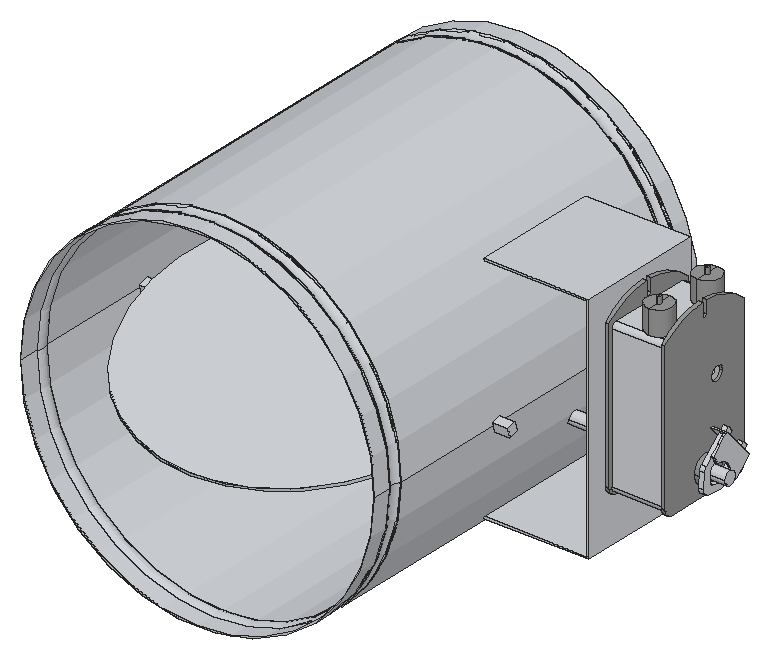
Revit family "S-RD-I, S-RD-II", category Mechanical Equipment, Revit 2015
Parameters
  Void Radius [instance] = Radius - 0' 0 5/256"  # 0' - 6 251/256"
  URL = "http://unitedenertech.com/catalog/pdf/C-5%20%20S-RD-I.pdf"
  Type Comments = "Max. Size is (24\" Diameter)"
  Radius [instance] = 0.5 * Exact Diameter  # 0' - 7"
  Model = "S-RD-I, S-RD-II"
  Manufacturer = "United Enertech Corporation"
  Keynote = "FSLF-120 Actuator Shown, See Website for Correct Actuator per Damper Size."
  Inner Radius [instance] = Radius - 0' 0 9/256"  # 0' - 6 247/256"
  Exact Diameter = 1' - 2"
  Description = "True Round Low Leakage Smoke Damper"
  Depth = 1' - 4"
  Blade Radius [instance] = Inner Radius - 0' 0 3/8"  # 0' - 6 151/256"
Reference planes (in)
  plane 1 "Center (Front/Back)": y = 0
  plane 2: z = 0
  plane 3 "Center (Left/Right)": x = 0
  plane 4: x = -7
  plane 5: x = 7
  plane 6: y = 16
  plane 7: y = 15
  plane 8: y = 1
  plane 9: x = -7.6
  plane 10: x = -5.1
  plane 11: x = 5.1
  plane 12: x = 7.6
  plane 13: y = 6
  plane 14: y = 10
  plane 15: x = -5.99518
  plane 16: x = 5.99518
  plane 17: x = 13
  plane 18: x = 4.1
  plane 19: x = 3.482
  plane 20: x = 3.35641
  plane 21: x = 3.23141
  plane 22: x = 12
  plane 23: x = 9.4169
  plane 24: y = 12.52698
  plane 25: y = 7.5
Forms (in)
  Extrusion 1, solid
    sketch origin (0, 0, 0) x (1, 0, 0) y (0, 0, 1)
      loop
        circle (0, 0) r 7
      loop
        circle (0, 0) r 6.96484
    from 0 to -16
  Sweep 2, solid
    path origin (0, 1, 0) x (1, 0, 0) y (0, 0, 1)
      loop
        circle (0, 0) r 7
    profile "Bead Sweep : Bead Sweep" origin (0, 1, 7) x (0, 0, -1) y (0, -1, 0)
      loop
        arc (0, -0.279) -> (0.12, 0) -> (0, 0.279) r 0.38434
        line (0, 0.279) -> (0, -0.279)
  Sweep 3, solid
    path origin (0, 15, 0) x (1, 0, 0) y (0, 0, 1)
      loop
        circle (0, 0) r 7
    profile "Bead Sweep : Bead Sweep" origin (0, 15, 7) x (0, 0, -1) y (0, -1, 0)
      loop
        arc (0, -0.279) -> (0.12, 0) -> (0, 0.279) r 0.38434
        line (0, 0.279) -> (0, -0.279)
  Sweep 4, void
    path origin (0, 1, 0) x (1, 0, 0) y (0, 0, 1)
      loop
        circle (0, 0) r 6.98047
    profile "Bead Void Sweep : Bead Void Sweep" origin (0, 1, 6.98047) x (0, 0, -1) y (0, -1, 0)
      loop
        arc (-0.15416, -0.3555) -> (0.0841, 0) -> (-0.15416, 0.3555) r 0.38434
        line (-0.15416, 0.3555) -> (-0.15416, -0.3555)
  Sweep 5, void
    path origin (0, 15, 0) x (1, 0, 0) y (0, 0, 1)
      loop
        circle (0, 0) r 6.98047
    profile "Bead Void Sweep : Bead Void Sweep" origin (0, 15, 6.98047) x (0, 0, -1) y (0, -1, 0)
      loop
        arc (-0.15416, -0.3555) -> (0.0841, 0) -> (-0.15416, 0.3555) r 0.38434
        line (-0.15416, 0.3555) -> (-0.15416, -0.3555)
  Extrusion 6, solid
    sketch origin (0, 4.96472, 4.08249) x (1, 0, 0) y (0, 0.965926, 0.258819)
      loop
        circle (0, 0) r 6.58984
    from -4.01795 to -3.90479
  Extrusion 7, solid
    sketch origin (-15.25, -10.19369, 2.7146) x (0, 0.966915, 0.255099) y (0, -0.255099, 0.966915)
      loop
        line (15.15714, -6.93904) -> (15.15714, -6.56404) -> (14.78214, -6.56404) -> (14.78214, -6.93904) -> (15.15714, -6.93904)
    from 7.65 to 10.15
  Extrusion 8, solid
    sketch origin (11.25, -10.19369, 2.7146) x (0, 0.966915, 0.255099) y (0, -0.255099, 0.966915)
      loop
        line (15.15714, -6.93904) -> (15.15714, -6.56404) -> (14.78214, -6.56404) -> (14.78214, -6.93904) -> (15.15714, -6.93904)
    from -6.15 to -3.65
  Sweep 9, void
    path origin (0, 1, 0) x (1, 0, 0) y (0, 0, 1)
      loop
        circle (0, 0) r 6.98047
    profile "Bead Void Sweep : Bead Void Sweep" origin (0, 1, 6.98047) x (0, 0, -1) y (0, -1, 0)
      loop
        arc (-0.15416, -0.3555) -> (0.0841, 0) -> (-0.15416, 0.3555) r 0.38434
        line (-0.15416, 0.3555) -> (-0.15416, -0.3555)
  Sweep 10, void
    path origin (0, 15, 0) x (1, 0, 0) y (0, 0, 1)
      loop
        circle (0, 0) r 6.98047
    profile "Bead Void Sweep : Bead Void Sweep" origin (0, 15, 6.98047) x (0, 0, -1) y (0, -1, 0)
      loop
        arc (-0.15416, -0.3555) -> (0.0841, 0) -> (-0.15416, 0.3555) r 0.38434
        line (-0.15416, 0.3555) -> (-0.15416, -0.3555)
  Extrusion 11, solid
    sketch origin (0, 0, 0) x (0, 1, 0) y (0, 0, 1)
      loop
        line (6.13645, 0.2343) -> (6.23212, -0.1283) -> (5.86952, -0.22396) -> (5.78165, 0.10397) -> (4.81474, -0.15113) -> (4.8326, -0.21881) -> (5.69035, 0.00749) -> (5.78325, -0.34464) -> (6.37588, -0.18584) -> (6.28444, 0.16074) -> (7.13068, 0.38749) -> (7.10337, 0.4894) -> (6.13645, 0.2343)
    from -5.99518 to 5.99518
  Extrusion 12, solid
    sketch origin (0, 0, 1.5) x (0, 1, 0) y (0, 0, 1)
      loop
        circle (10, -3.06865) r 0.25
    from -7.6 to 13
  Extrusion 13, solid
    sketch origin (-19.09431, 8.56597, 4.3906) x (1, 0, 0) y (0, -0.258819, 0.965926)
      loop
        line (20.57631, -3.38349) -> (20.57631, -3.50849) -> (22.45071, -3.50849) -> (22.45071, -4.13491) -> (22.57631, -4.13491) -> (22.57631, -3.38349) -> (20.57631, -3.38349)
    from 0 to 0.5
  Extrusion 14, solid
    sketch origin (0, 0, 0) x (0, 1, 0) y (0, 0, 1)
      loop
        line (9.09128, 0.38657) -> (12.95114, -2.96875) -> (13.48276, -2.43713) -> (9.58332, 0.9526) -> (9.09128, 0.38657)
    from 3.35641 to 3.23141
  Extrusion 15, solid
    sketch origin (0.00619, 0, -0.00521) x (1, 0, 0) y (0, 0, 1)
      loop
        line (9.4169, -4.59269) -> (9.4169, 4.59269) -> (-0.00619, 4.59269) -> (-0.00619, 4.51799) -> (9.3422, 4.51799) -> (9.3422, -4.51799) -> (-0.00619, -4.51799) -> (-0.00619, -4.59269) -> (9.4169, -4.59269)
    from -12.52698 to -7.5
  Extrusion 16, void
    sketch origin (0, 0, 0) x (1, 0, 0) y (0, 0, 1)
      loop
        circle (0, 0.00749) r 6.96484
    from -12.52698 to -7.5
Cuts and joins
  Sweep 4, Sweep 5, Sweep 9, Sweep 10 cuts Extrusion 1
  Sweep 5, Sweep 9 cuts Sweep 2
  Sweep 10 cuts Sweep 3
  Extrusion 16 cuts Extrusion 15
Dimensions and locks (in)
  equal spacing: plane 4, plane 3 "Center (Left/Right)", plane 5
  "Exact Diameter": plane 4 to plane 5
  plane 6 to plane 1 "Center (Front/Back)" = 1' - 4"
  locked: plane 8 to plane 1 "Center (Front/Back)" at 1
  locked: plane 6 to plane 7 at 1
  locked: plane 9 to plane 4 at 0.6
  locked: plane 4 to plane 10 at 1.9
  locked: plane 11 to plane 5 at 1.9
  locked: plane 5 to plane 12 at 0.6
  locked: plane 13 to plane 1 "Center (Front/Back)" at 6
  locked: plane 6 to plane 14 at 6
  locked: plane 9 to plane 15 at 1.60482
  locked: plane 16 to plane 12 at 1.60482
  locked: plane 5 to plane 17 at 6
  locked: plane 18 to plane 11 at 1
  locked: plane 19 to plane 11 at 1.618
  locked: plane 20 to plane 19 at 0.12559
  locked: plane 21 to plane 20 at 0.125
  locked: plane 22 to plane 17 at 1
  locked: plane 22 to plane 23 at 2.5831
  "Inner Radius": radius of Extrusion 1 sketch curve
  "Radius": radius of Extrusion 1 sketch curve
  "Radius": radius of Sweep 2 sketch curve
  "Radius": radius of Sweep 3 sketch curve
  "Void Radius": radius of Sweep 4 sketch curve
  "Void Radius": radius of Sweep 5 sketch curve
  "Blade Radius": radius of Extrusion 6 sketch curve
  "Void Radius": radius of Sweep 9 sketch curve
  "Void Radius": radius of Sweep 10 sketch curve
  "Inner Radius": radius of Extrusion 16 sketch curve
  aligned and locked: level to plane 2
  aligned and locked: plane 6 to Extrusion 1
  aligned and locked: plane 1 "Center (Front/Back)" to Extrusion 1
  aligned and locked: plane 10 to Extrusion 7
  aligned and locked: plane 9 to Extrusion 7
  aligned and locked: plane 11 to Extrusion 8
  aligned and locked: plane 6 to cut or joined group of Extrusion 1, Sweep 4, Sweep 5, Sweep 9, Sweep 10
  aligned and locked: plane 12 to Extrusion 8
  aligned and locked: plane 15 to Extrusion 11
  aligned and locked: plane 16 to Extrusion 11
  aligned and locked: plane 9 to Extrusion 12
  aligned and locked: plane 17 to Extrusion 12
  aligned and locked: plane 18 to nested 1
  aligned and locked: plane 19 to Extrusion 13
  aligned and locked: plane 20 to Extrusion 14
  aligned and locked: Extrusion 14 to plane 21
  aligned and locked: plane 22 to nested 2
  aligned and locked: plane 3 "Center (Left/Right)" to Extrusion 15 sketch curve
  aligned and locked: Extrusion 15 sketch curve to plane 3 "Center (Left/Right)"
  aligned and locked: plane 25 to Extrusion 15
  aligned and locked: Extrusion 15 to plane 24
  aligned and locked: Extrusion 16 to plane 24
  aligned and locked: Extrusion 16 to plane 25
Automatic sketch dimensions
  Extrusion 7 sketch curve to plane 13 = 0' - 0.13048"
  Extrusion 7 sketch curve to level = 0' - 0.22396"
  Extrusion 7 sketch curve to Extrusion 7 sketch curve = 0' - 0 3/8"  (x2)
  Extrusion 8 sketch curve to plane 13 = 0' - 0.13048"
  Extrusion 8 sketch curve to level = 0' - 0.22396"
  Extrusion 8 sketch curve to Extrusion 8 sketch curve = 0' - 0 3/8"  (x2)
  Extrusion 11 sketch curve to plane 13 = 0' - 0.13048"
  level to Extrusion 11 sketch curve = 0' - 0.10397"
  Extrusion 11 sketch curve to plane 13 = 0' - 0.21835"
  Extrusion 11 sketch curve to level = 0' - 0.21881"
  Extrusion 11 sketch curve to level = 0' - 0.15113"
  plane 13 to Extrusion 11 sketch curve = 0' - 0.13645"
  Extrusion 11 sketch curve to level = 0' - 0.1283"
  plane 13 to Extrusion 11 sketch curve = 0' - 0.23212"
  Extrusion 11 sketch curve to level = 0' - 0.18584"
  Extrusion 11 sketch curve to Extrusion 11 sketch curve = 0' - 0.14376"
  level to Extrusion 11 sketch curve = 0' - 0.4894"
  level to Extrusion 11 sketch curve = 0' - 0.38749"
  Extrusion 11 sketch curve to Extrusion 11 sketch curve = 0' - 0.02731"
  Extrusion 11 sketch curve to Extrusion 11 sketch curve = 0' - 0.08627"
  level to Extrusion 11 sketch curve = 0' - 0.00749"
  Extrusion 11 sketch curve to Extrusion 11 sketch curve = 0' - 0.09131"
  plane 13 to Extrusion 11 sketch curve = 0' - 0.28444"
  Extrusion 11 sketch curve to Extrusion 11 sketch curve = 0' - 0.12068"
  Extrusion 12 sketch curve to plane 14 = 0' - 0"
  Extrusion 12 sketch curve to level = 0' - 1.56865"
  Extrusion 13 sketch curve to plane 17 = 0' - 11.518"
  Extrusion 13 sketch curve to Extrusion 13 sketch curve = 0' - 1.87441"
  Extrusion 13 sketch curve to Extrusion 13 sketch curve = 0' - 0.12559"
  Extrusion 13 sketch curve to Extrusion 13 sketch curve = 0' - 0.62642"
  Extrusion 13 sketch curve to Extrusion 13 sketch curve = 0' - 0 1/8"
  Extrusion 14 sketch curve to plane 14 = 0' - 0.41668"
  level to Extrusion 14 sketch curve = 0' - 0.38657"
  Extrusion 14 sketch curve to Extrusion 14 sketch curve = 0' - 0.56603"
  Extrusion 14 sketch curve to Extrusion 14 sketch curve = 0' - 0.53163"
  plane 7 to Extrusion 14 sketch curve = 0' - 1.51724"
  Extrusion 14 sketch curve to Extrusion 14 sketch curve = 0' - 0.49204"
  Extrusion 15 sketch curve to plane 23 = 0' - 0.06851"
  plane 23 to Extrusion 15 sketch curve = 0' - 0.00619"
  Extrusion 15 sketch curve to level = 0' - 4.5979"
  Extrusion 15 sketch curve to Extrusion 15 sketch curve = 0' - 0.0747"  (x2)
  level to Extrusion 15 sketch curve = 0' - 4.51278"
  Extrusion 1 sketch curve to Extrusion 1 sketch curve = 0' - 0"  (x2)
  Extrusion 1 sketch curve to level = 0' - 0"
  Extrusion 1 sketch curve to plane 3 "Center (Left/Right)" = 0' - 0"
  Sweep 2 sketch curve to level = 0' - 0"
  Sweep 2 sketch curve to plane 3 "Center (Left/Right)" = 0' - 0"
  Sweep 3 sketch curve to level = 0' - 0"
  Sweep 3 sketch curve to plane 3 "Center (Left/Right)" = 0' - 0"
  Sweep 4 sketch curve to level = 0' - 0"
  Sweep 4 sketch curve to plane 3 "Center (Left/Right)" = 0' - 0"
  Sweep 5 sketch curve to level = 0' - 0"
  Sweep 5 sketch curve to plane 3 "Center (Left/Right)" = 0' - 0"
  Extrusion 6 sketch curve to plane 3 "Center (Left/Right)" = 0' - 0"
  Sweep 9 sketch curve to level = 0' - 0"
  Sweep 9 sketch curve to plane 3 "Center (Left/Right)" = 0' - 0"
  Sweep 10 sketch curve to level = 0' - 0"
  Sweep 10 sketch curve to plane 3 "Center (Left/Right)" = 0' - 0"
  Extrusion 16 sketch curve to plane 3 "Center (Left/Right)" = 0' - 0"
  level to Extrusion 16 sketch curve = 0' - 0.00749"
  radius of Extrusion 12 sketch curve = 0' - 0 1/4"
Nested families (in)
  nested 1: "Crank Arm" at (0.32925, 19.17236, -2.95025) x (0, 0.9703, -0.2419) z (0, -0.2419, -0.9703), type "Crank Arm"
  nested 2: "FSLF-120" at (11.8558, 15.18836, 5.68955) x (-1, 0, 0) z (0, 0, -1), type "FSLF-120"
Definition of nested family "Crank Arm"
  Reference planes (in)
    plane 1 "Center (Front/Back)": y = 0
    plane 2: z = 0
    plane 3 "Center (Left/Right)": x = 0
  Forms (in)
    Extrusion 1, solid
      sketch origin (0, 0, 0) x (1, 0, 0) y (0, 1, 0)
        loop
          line (-9.94649, 3.15275) -> (-3.84949, 3.15275) -> (-3.84949, 3.27775) -> (-9.94649, 3.27775)
          arc (-9.94649, 3.27775) -> (-10.13049, 3.46175) -> (-9.94649, 3.64575) r 0.184
          line (-9.94649, 3.64575) -> (-8.25549, 3.64575) -> (-8.25549, 3.77075) -> (-9.94649, 3.77075)
          arc (-9.94649, 3.77075) -> (-10.25549, 3.46175) -> (-9.94649, 3.15275) r 0.309
      from 0 to 1.75
    Extrusion 2, void
      sketch origin (-3.14958, 0, -6.55057) x (1, 0, 0) y (0, 0, 1)
        loop
          line (-5.98091, 6.55057) -> (-5.98091, 5.17557)
          arc (-5.98091, 5.17557) -> (-3.73091, 7.42557) -> (-5.98091, 9.67557) r 2.25
          line (-5.98091, 9.67557) -> (-5.98091, 8.30057)
          arc (-5.98091, 8.30057) -> (-5.10591, 7.42557) -> (-5.98091, 6.55057) r 0.875
      from -4.01947 to -3.44824
    Extrusion 3, void
      sketch origin (1.25642, 0, -6.55057) x (1, 0, 0) y (0, 0, 1)
        loop
          line (-5.98091, 6.55057) -> (-5.98091, 5.17557)
          arc (-5.98091, 5.17557) -> (-3.73091, 7.42557) -> (-5.98091, 9.67557) r 2.25
          line (-5.98091, 9.67557) -> (-5.98091, 8.30057)
          arc (-5.98091, 8.30057) -> (-5.10591, 7.42557) -> (-5.98091, 6.55057) r 0.875
      from -3.64575 to -2.74172
    Extrusion 4, void
      sketch origin (0, 0, 0) x (1, 0, 0) y (0, 0, 1)
        loop
          arc (-6.59949, 1) -> (-6.72449, 0.875) -> (-6.59949, 0.75) r 0.125
          line (-6.59949, 0.75) -> (-4.84949, 0.75)
          arc (-4.84949, 0.75) -> (-4.72449, 0.875) -> (-4.84949, 1) r 0.125
          line (-4.84949, 1) -> (-6.59949, 1)
      from -3.40991 to -2.96513
    Extrusion 5, void
      sketch origin (-0.25, 0, 0) x (1, 0, 0) y (0, 0, 1)
        loop
          arc (-9.191, 0.75) -> (-8.72449, 0.875) -> (-9.191, 1) r 0.25
          line (-9.191, 1) -> (-10.15948, 1) -> (-10.15948, 0.875) -> (-10.15948, 0.75) -> (-9.191, 0.75)
      from -2.89053 to -3.96908
  Cuts and joins
    Extrusion 2, Extrusion 3, Extrusion 4, Extrusion 5 cuts Extrusion 1
  Dimensions and locks (in)
    aligned and locked: level to plane 2
Definition of nested family "FSLF-120"
  Reference planes (in)
    plane 1 "Center (Front/Back)": y = 0
    plane 2: z = 0
    plane 3 "Center (Left/Right)": x = 0
  Forms (in)
    Extrusion 1, solid
      sketch origin (0, 0, 0) x (0, 1, 0) y (0, 0, 1)
        loop
          arc (-3.58331, 2.09938) -> (-3.44059, 2.1585) -> (-3.38147, 2.30122) r 0.20184
          line (-3.38147, 2.30122) -> (-3.38147, 7.89928)
          arc (-3.38147, 7.89928) -> (-3.44059, 8.042) -> (-3.58331, 8.10111) r 0.20184
          line (-3.58331, 8.10111) -> (-6.82752, 8.10111)
          arc (-6.82752, 8.10111) -> (-6.97024, 8.042) -> (-7.02936, 7.89928) r 0.20184
          line (-7.02936, 7.89928) -> (-7.02936, 2.30122)
          arc (-7.02936, 2.30122) -> (-6.97024, 2.1585) -> (-6.82752, 2.09938) r 0.20184
          line (-6.82752, 2.09938) -> (-3.58331, 2.09938)
        loop
          circle (-4.59401, 4.1698) r 0.10344
        loop
          circle (-5.18836, 7.24712) r 0.27109
      from 0 to 2.0647
    Extrusion 2, solid
      sketch origin (0, 0, 0) x (0, 1, 0) y (0, 0, 1)
        loop
          line (-5.07889, 1.84303) -> (-5.07889, 1.35428)
          arc (-5.07889, 1.35428) -> (-4.1161, 1.55637) -> (-3.27519, 2.06694) r 2.91799
          line (-3.27519, 2.06694) -> (-3.27519, 7.89928)
          arc (-3.27519, 7.89928) -> (-3.36543, 8.11715) -> (-3.58331, 8.2074) r 0.30812
          line (-3.58331, 8.2074) -> (-6.82752, 8.2074)
          arc (-6.82752, 8.2074) -> (-7.0454, 8.11715) -> (-7.13564, 7.89928) r 0.30812
          line (-7.13564, 7.89928) -> (-7.13564, 2.09702)
          arc (-7.13564, 2.09702) -> (-6.28174, 1.56481) -> (-5.29782, 1.35428) r 2.91799
          line (-5.29782, 1.35428) -> (-5.29782, 1.84303)
          arc (-5.29782, 1.84303) -> (-5.18836, 1.95249) -> (-5.07889, 1.84303) r 0.10947
        loop
          circle (-4.59401, 4.1698) r 0.28363
        loop
          circle (-5.18836, 7.24712) r 0.27109
      from 0 to -0.1442
    Extrusion 3, solid
      sketch origin (0, 0, 0) x (0, 1, 0) y (0, 0, 1)
        loop
          line (-5.07889, 1.84303) -> (-5.07889, 1.35428)
          arc (-5.07889, 1.35428) -> (-4.1161, 1.55637) -> (-3.27519, 2.06694) r 2.91799
          line (-3.27519, 2.06694) -> (-3.27519, 7.89928)
          arc (-3.27519, 7.89928) -> (-3.36543, 8.11715) -> (-3.58331, 8.2074) r 0.30812
          line (-3.58331, 8.2074) -> (-6.82752, 8.2074)
          arc (-6.82752, 8.2074) -> (-7.0454, 8.11715) -> (-7.13564, 7.89928) r 0.30812
          line (-7.13564, 7.89928) -> (-7.13564, 2.09702)
          arc (-7.13564, 2.09702) -> (-6.28174, 1.56481) -> (-5.29782, 1.35428) r 2.91799
          line (-5.29782, 1.35428) -> (-5.29782, 1.84303)
          arc (-5.29782, 1.84303) -> (-5.18836, 1.95249) -> (-5.07889, 1.84303) r 0.10947
        loop
          circle (-4.59401, 4.1698) r 0.28363
        loop
          circle (-5.18836, 7.24712) r 0.27109
      from 2.2089 to 2.0647
    Revolve 4, solid
      sketch origin (0.70002, 0, 0) x (0, 1, 0) y (0, 0, 1)
        loop
          line (-4.0031, 0.95098) -> (-3.92703, 0.95098) -> (-3.92703, 1.1774) -> (-3.48966, 1.1774) -> (-3.48966, 2.15927) -> (-4.0031, 2.15927) -> (-4.0031, 0.95098)
        axis (-4.0031, 0.95098) -> (-4.0031, 2.15927)
      angle from 0 to 360
    Revolve 5, solid
      sketch origin (0.70002, -10.37672, 0) x (0, -1, 0) y (0, 0, -1)
        loop
          line (-4.0031, -0.95098) -> (-4.0031, -2.15927) -> (-3.48966, -2.15927) -> (-3.48966, -1.1774) -> (-3.92703, -1.1774) -> (-3.92703, -0.95098) -> (-4.0031, -0.95098)
        axis (-4.0031, -0.95098) -> (-4.0031, -2.15927)
      angle from 0 to 360
    Extrusion 6, solid
      sketch origin (0, 0, 0) x (0, 1, 0) y (0, 0, 1)
        loop
          circle (-5.18836, 7.24712) r 0.54048
        loop
          circle (-5.18836, 7.24712) r 0.27109
      from 2.4389 to -0.3742
    Extrusion 7, solid
      sketch origin (0, 0, 0) x (0, 1, 0) y (0, 0, 1)
        loop
          line (-3.91306, 6.71864) -> (-3.7518, 6.90501) -> (-4.82025, 7.82944)
          arc (-4.82025, 7.82944) -> (-4.90724, 7.87836) -> (-5.00644, 7.88936) r 0.25
          line (-5.00644, 7.88936) -> (-5.62705, 7.83298)
          arc (-5.62705, 7.83298) -> (-5.79594, 7.74469) -> (-5.85355, 7.56303) r 0.25
          line (-5.85355, 7.56303) -> (-5.80333, 6.9664)
          arc (-5.80333, 6.9664) -> (-5.77611, 6.8722) -> (-5.71475, 6.79572) r 0.25
          line (-5.71475, 6.79572) -> (-4.62328, 5.88139) -> (-4.46502, 6.07031) -> (-5.47779, 6.9187)
          arc (-5.47779, 6.9187) -> (-5.53914, 6.99518) -> (-5.56637, 7.08938) r 0.25
          line (-5.56637, 7.08938) -> (-5.58744, 7.33975)
          arc (-5.58744, 7.33975) -> (-5.52983, 7.52141) -> (-5.36094, 7.60969) r 0.25
          line (-5.36094, 7.60969) -> (-5.08847, 7.63444)
          arc (-5.08847, 7.63444) -> (-4.98927, 7.62345) -> (-4.90228, 7.57453) r 0.25
          line (-4.90228, 7.57453) -> (-3.91306, 6.71864)
      from -0.45408 to -0.64826
    Extrusion 8, solid
      sketch origin (0, 0, 0) x (0, 1, 0) y (0, 0, 1)
        loop
          line (-4.84561, 5.92964) -> (-3.84342, 7.12404) -> (-3.96137, 7.30719) -> (-4.09731, 7.46769)
          arc (-4.09731, 7.46769) -> (-4.29911, 7.57665) -> (-4.45285, 7.74683) r 0.67563
          arc (-4.45285, 7.74683) -> (-4.52455, 7.65639) -> (-4.6158, 7.58572) r 0.47899
          line (-4.6158, 7.58572) -> (-4.72882, 7.47247)
          arc (-4.72882, 7.47247) -> (-4.85345, 6.98422) -> (-5.32567, 6.80835) r 0.54335
          line (-5.32567, 6.80835) -> (-5.42625, 6.68392)
          arc (-5.42625, 6.68392) -> (-5.48681, 6.58567) -> (-5.56911, 6.50475) r 0.47899
          arc (-5.56911, 6.50475) -> (-5.38353, 6.37) -> (-5.25372, 6.18093) r 0.67563
          line (-5.25372, 6.18093) -> (-5.03529, 5.99894) -> (-4.84561, 5.92964)
      from -0.78829 to -0.7065
    Extrusion 9, solid
      sketch origin (0, 0, 0) x (0, 1, 0) y (0, 0, 1)
        loop
          line (-4.84561, 5.92964) -> (-3.84342, 7.12404) -> (-3.87926, 7.17969) -> (-4.90878, 5.95271) -> (-4.84561, 5.92964)
      from -0.7065 to -0.1442
  Lines and regions (in)
    model lines
      curve 1: arc (0, -4.09731, 7.46769) -> (0, -4.29911, 7.57665) -> (0, -4.45285, 7.74683) r 0.67563
      curve 2: arc (0, -4.45285, 7.74683) -> (0, -4.52455, 7.65639) -> (0, -4.6158, 7.58572) r 0.47899
      curve 3: arc (0, -5.56911, 6.50475) -> (0, -5.38353, 6.37) -> (0, -5.25372, 6.18093) r 0.67563
      curve 4: arc (0, -5.42625, 6.68392) -> (0, -5.48681, 6.58567) -> (0, -5.56911, 6.50475) r 0.47899
      curve 5: arc (0, -4.72882, 7.47247) -> (0, -4.85345, 6.98422) -> (0, -5.32567, 6.80835) r 0.54335
      curve 6: arc (0, -5.08847, 7.63444) -> (0, -4.98927, 7.62345) -> (0, -4.90228, 7.57453) r 0.25
      curve 7: arc (0, -5.00644, 7.88936) -> (0, -4.90724, 7.87836) -> (0, -4.82025, 7.82944) r 0.25
      curve 8: arc (0, -5.47779, 6.9187) -> (0, -5.53914, 6.99518) -> (0, -5.56637, 7.08938) r 0.25
      curve 9: arc (0, -5.58744, 7.33975) -> (0, -5.52983, 7.52141) -> (0, -5.36094, 7.60969) r 0.25
      curve 10: line (0, -4.72882, 7.47247) -> (0, -4.6158, 7.58572)
      curve 11: line (0, -5.25372, 6.18093) -> (0, -5.03529, 5.99894)
      curve 12: line (0, -5.03529, 5.99894) -> (0, -3.96137, 7.30719)
      curve 13: line (0, -3.96137, 7.30719) -> (0, -4.09731, 7.46769)
      curve 14: line (0, -5.16521, 6.11335) -> (0, -4.05485, 7.41756)
      curve 15: line (0, -4.98938, 6.05486) -> (0, -4.84561, 5.92964)
      curve 16: line (0, -4.84561, 5.92964) -> (0, -3.84342, 7.12404)
      curve 17: line (0, -3.84342, 7.12404) -> (0, -3.9942, 7.26719)
      curve 18: line (0, -5.47779, 6.9187) -> (0, -4.46502, 6.07031)
      curve 19: line (0, -4.46502, 6.07031) -> (0, -4.62328, 5.88139)
      curve 20: line (0, -4.62328, 5.88139) -> (0, -5.71475, 6.79572)
      curve 21: line (0, -5.32567, 6.80835) -> (0, -5.42625, 6.68392)
      curve 22: line (0, -4.90228, 7.57453) -> (0, -3.91306, 6.71864)
      curve 23: line (0, -3.91306, 6.71864) -> (0, -3.7518, 6.90501)
      curve 24: line (0, -3.7518, 6.90501) -> (0, -4.82025, 7.82944)
      curve 25: line (0, -5.08847, 7.63444) -> (0, -5.36094, 7.60969)
      curve 26: line (0, -5.00644, 7.88936) -> (0, -5.62705, 7.83298)
      curve 27: line (0, -5.56637, 7.08938) -> (0, -5.58744, 7.33975)
      curve 28: line (0, -5.80333, 6.9664) -> (0, -5.85355, 7.56303)
      curve 29: arc (0, -5.71475, 6.79572) -> (0, -5.77611, 6.8722) -> (0, -5.80333, 6.9664) r 0.25
      curve 30: arc (0, -5.85355, 7.56303) -> (0, -5.79594, 7.74469) -> (0, -5.62705, 7.83298) r 0.25
      curve 31: circle (0, -4.59401, 4.1698) r 0.10344 normal (-1, 0, 0)
      curve 32: arc (0, -7.02936, 7.89928) -> (0, -6.97024, 8.042) -> (0, -6.82752, 8.10111) r 0.20184
      curve 33: arc (0, -3.58331, 8.10111) -> (0, -3.44059, 8.042) -> (0, -3.38147, 7.89928) r 0.20184
      curve 34: circle (0, -5.18836, 7.24712) r 0.27109 normal (-1, 0, 0)
      curve 35: circle (0, -5.18836, 7.24712) r 0.54048 normal (-1, 0, 0)
      curve 36: line (0, -6.82752, 8.10111) -> (0, -3.58331, 8.10111)
      curve 37: line (0, -7.02936, 7.89928) -> (0, -7.02936, 2.30122)
      curve 38: line (0, -3.38147, 2.30122) -> (0, -3.38147, 7.89928)
      curve 39: circle (0, -4.59401, 4.1698) r 0.28363 normal (-1, 0, 0)
      curve 40: arc (0, -7.13564, 7.89928) -> (0, -7.0454, 8.11715) -> (0, -6.82752, 8.2074) r 0.30812
      curve 41: arc (0, -3.58331, 8.2074) -> (0, -3.36543, 8.11715) -> (0, -3.27519, 7.89928) r 0.30812
      curve 42: line (0, -7.13564, 2.09702) -> (0, -7.13564, 7.89928)
      curve 43: line (0, -6.82752, 8.2074) -> (0, -3.58331, 8.2074)
      curve 44: line (0, -3.27519, 2.06694) -> (0, -3.27519, 7.89928)
  Dimensions and locks (in)
    aligned and locked: level to plane 2
